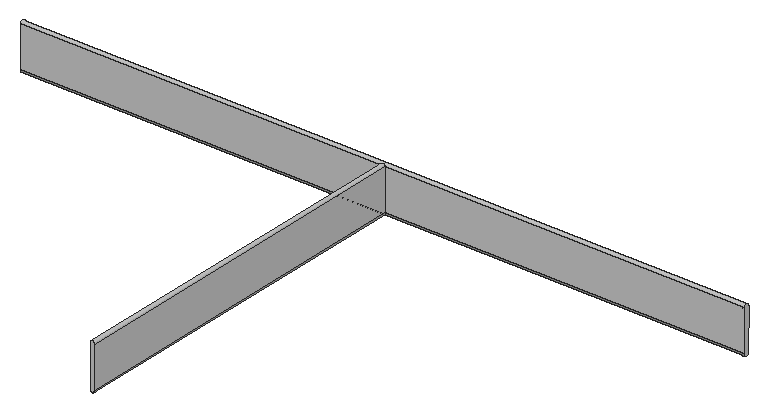
Revit family "Wall_Expansion_Joint-Emseal-Emshield-WFR3-(0.5-6-Inch)-T", category Specialty Equipment, host Face, Revit 2019
Family settings
  Host = Face
  Round Connector Dimension = Use Diameter
  Part Type = Normal
  OmniClass Number = 23.25.30.24
  OmniClass Title = Structural Walls
  Cut with Voids When Loaded = No
  Shared = No
  Room Calculation Point = No
Parameters (values of type "REFER TO TYPE CATALOG")
  Width = 0' - 0 1/2"
  Water Penetration of Curtain Wall By Uniform Static Air Pressure Difference (ASTM E331-00) = "No water penetration - 15 minute duration at 500 Delta-P(Pa), 1000 Delta-P(Pa),  and 5000 Delta-P(Pa)"  # constant formula
  URL = "http://www.emseal.com/"
  Tornado Resistance (Air Leakage) (ASTM E283) = "Tested to 200 mph with essentially no deflection"  # constant formula
  Thermal Conductivity (ASTM C518) = "0.9824 BTU*in/h*ft^2*F (0.1417 W/m*K)"  # constant formula
  Tensile Strength (ASTM D3574) = "21 psi min;  145 kPa"  # constant formula
  Temperature Range (ASTM C711) = "185°F (85°C) to -40°F (-40°C)"  # constant formula
  Standard Test Method For Structural Performance of Exterior Windows, Doors, Sylights and Curtain Walls by Uniform Static Air Pressure Difference (ASTM E330) = "1.9mm @ 4854Pa (200mph) 6-Inch width"  # constant formula
  Staining (ASTM C510) = "None"  # constant formula
  Seal Material Note = "WFR3 has a layer of Intumescent Sealant underneath the layers of silicone on both sides"  # constant formula
  Seal Material = Silicone - Sikasil WS-295
  STC Rating (Sound Transmission Class) (ASTM E90) = "STC 64 (in a STC 68 wall)"  # constant formula
  Right Length [instance] = 3' - 3 23/64"
  Rate of Air Leakage (ASTM E283) = "Passed"  # constant formula
  R Value Range (ASTM C518) = "1.03 per 1-inch (25mm) depth"  # constant formula
  Product data url = "http://www.emseal.com/Products/Architectural/EMSHIELD/EMSHIELD_WFR2_TD.pdf"
  Product Page URL = "http://www.emseal.com/Products/Architectural/EMSHIELD/EMSHIELD_WFR2.htm"
  Product Documentation Link = "http://www.emseal.com/Products/Architectural/EMSHIELD/EMSHIELD_WFR2_TD.pdf"
  Pick Resistant = "No"  # constant formula
  OITC Rating (Outdoor/Indoor Transmission Class) = "OITC 52 (in a OITC 52 wall)"  # constant formula
  Number of Sticks Required [instance] = (Right Length + Left Length + Bottom Length) / 6' 6 23/32"  # 1.5
  Movement (of Nominal Material Size) = "+/- 25%"
  Model = "WFR3"
  Manufacturer = "Emseal"  # constant formula
  Left Length [instance] = 3' - 3 23/64"
  Host Thickness = 0' 0" - Depth  # -0' - 5"
  Fire Resistance and Movement Cycling Regime (UL 2079, ASTM E1966, ASTM E119, ASTM E1399) = "Passed"  # constant formula
  Fire Rating (Hours per UL2079) = "3"
  Fire Rated Movement Rating (UL2079) = "Class II, III"  # constant formula
  Durometer Hardness of Silicone Coating (ASTM D2240) = "Shore A: 15"  # constant formula
  Description = "Fire Rated, Watertight, Sound Dampening, Primary Seal for Interior and Exterior Wall Expansion Joints"  # constant formula
  Depth = 0' - 5"
  Default Elevation = 4' - 0"
  Bottom Length [instance] = 3' - 3 23/64"
  Assembly Code = "B2010"
  Air Permeability (ASTM E283-04) = "0.00017 L/(s-m²) @ 75 Delta-P(Pa) 0.00017 L(s-m²) @ 250 Delta-P(Pa)"  # constant formula
  ABAA Compliance = "YES"  # constant formula
Reference planes (in)
  plane 1 "Center (Front/Back)": y = 0
  plane 2: z = 0
  plane 3 "Center (Left/Right)": x = 0
  plane 4: y = -39.60938
  plane 5: x = -0.25
  plane 6: x = 0.25
  plane 7: z = -4
  plane 8: y = -0.25
  plane 9: y = 0.25
  plane 10: x = -39.35937
  plane 11: x = 39.35938
  plane 12 "MR": z = 3.75
Forms (in)
  Extrusion 1, void
    sketch origin (0, 0, 0) x (1, 0, 0) y (0, 1, 0)
      loop
        line (-0.25, -39.60938) -> (0.25, -39.60938) -> (0.25, -0.25) -> (-0.25, -0.25) -> (-0.25, -39.60938)
    from -120 to 0
  Extrusion 2, void
    sketch origin (0, 0, 0) x (1, 0, 0) y (0, 1, 0)
      loop
        line (-39.35937, -0.25) -> (39.35938, -0.25) -> (39.35938, 0.25) -> (-39.35937, 0.25) -> (-39.35937, -0.25)
    from -120 to 0
Lines and regions (in)
  symbolic lines, detail levels medium+fine
    curve 1: line (39.35938, 0.25, 3.75) -> (39.35938, -0.25, 3.75)
Dimensions and locks (in)
  equal spacing: plane 5, plane 3 "Center (Left/Right)", plane 6
  "Width": plane 5 to plane 6
  level to plane 7 = 0' - 4"
  equal spacing: plane 8, plane 1 "Center (Front/Back)", plane 9
  "Width": plane 9 to plane 8
  "Bottom Length": plane 8 to plane 4
  "Right Length": plane 3 "Center (Left/Right)" to plane 11
  "Left Length": plane 10 to plane 3 "Center (Left/Right)"
  aligned and locked: host face to plane 2
  aligned and locked: host face to level
  aligned and locked: Extrusion 1 sketch curve to plane 4
  aligned and locked: Extrusion 1 sketch curve to plane 6
  aligned and locked: Extrusion 1 sketch curve to plane 5
  aligned and locked: plane 2 to Extrusion 1
  aligned and locked: Extrusion 2 sketch curve to plane 8
  aligned and locked: Extrusion 2 sketch curve to plane 9
  aligned and locked: Extrusion 2 sketch curve to plane 10
  aligned and locked: plane 11 to Extrusion 2
  aligned and locked: curve 1 to plane 9
  aligned and locked: curve 1 to plane 8
  aligned and locked: curve 1 to plane 11
  aligned and locked: nested 1 to plane 1 "Center (Front/Back)"
  aligned and locked: nested 2 to plane 3 "Center (Left/Right)"
  aligned and locked: nested 2 to plane 8
  aligned and locked: nested 2 to plane 4
  aligned and locked: nested 1 to plane 11
  aligned and locked: nested 1 to plane 10
  aligned and locked: Extrusion 1 sketch curve to plane 8
Automatic sketch dimensions
  host sketch curve to host sketch curve = 28' - 9.38114"
  host sketch curve to host sketch curve = 23' - 6.66857"
  plane 5 to Extrusion 2 sketch curve = 3' - 3 39/64"
Nested families (in)
  nested 1: "EmShield_WFR_Bellow_Facebased" at (0, 0, 0) x (0, 1, 0) z (0, 0, 1), Seal Material <- "Seal Material", Width <- "Width", Depth <- "Depth", type "WFR"
    with Width 0' - 0 1/2", Triple Bellow no, Single Bellow yes, Seal Material Silicone - Sikasil WS-295, Quad Bellow no, Pent Bellow no, Length 6' - 6 23/32", Depth 0' - 5", Calc Width Triple 0' - 1 1/2", Calc Width Single 0' - 0 1/2", Calc Width Quad 0' - 3 131/256", Calc Width Pent 0' - 4 1/2"
  nested 2: "EmShield_WFR_Bellow_Facebased" at (0, -19.92969, 0) x (-1, 0, 0) z (0, 0, 1), Seal Material <- "Seal Material", Width <- "Width", Depth <- "Depth", type "WFR"
    with Width 0' - 0 1/2", Triple Bellow no, Single Bellow yes, Seal Material Silicone - Sikasil WS-295, Quad Bellow no, Pent Bellow no, Length 3' - 3 23/64", Depth 0' - 5", Calc Width Triple 0' - 1 1/2", Calc Width Single 0' - 0 1/2", Calc Width Quad 0' - 3 131/256", Calc Width Pent 0' - 4 1/2"
Definition of nested family "EmShield_WFR_Bellow_Facebased"
  Parameters
    Width [instance] = 0' - 4 3/4"
    Triple Bellow [instance] = and(Width > 0' 1 125/256", Width < 0' 3 131/256")  # no
    Single Bellow [instance] = Width < 0' 1 67/256"  # no
    Seal Material [instance] = none
    Quad Bellow [instance] = and(Width > 0' 3 189/256", Width < 0' 4 131/256")  # no
    Pent Bellow [instance] = and(Width > 0' 4 189/256", Width < 0' 6 3/256")  # yes
    Length [instance] = 7' - 0"
    Depth [instance] = 0' - 4"
    Default Elevation = 4' - 0"
    Calc Width Triple [instance] = if(or(Width > 0' 3 131/256", Width < 0' 1 125/256"), 0' 1 1/2", Width)  # 0' - 1 1/2"
    Calc Width Single [instance] = if(Width > 0' 1 67/256", 0' 1 67/256", Width)  # 0' - 1 67/256"
    Calc Width Quad [instance] = if(or(Width > 0' 4 131/256", Width < 0' 3 189/256"), 0' 3 131/256", Width)  # 0' - 3 131/256"
    Calc Width Pent [instance] = if(or(Width > 0' 6 3/256", Width < 0' 4 125/256"), 0' 4 1/2", Width)  # 0' - 4 3/4"
  Reference planes (in)
    plane 1 "Center (Front/Back)": y = 0
    plane 2: z = 0
    plane 3 "Center (Left/Right)": x = 0
    plane 4: y = 42
    plane 5: y = -42
    plane 6: x = -0.75
    plane 7: x = 0.75
    plane 8: z = -4
    plane 9: x = -0.87793
    plane 10: x = 0.87793
    plane 11: x = -0.25
    plane 12: x = 0.25
    plane 13: x = -1.75586
    plane 14: x = 1.75586
    plane 15: x = -0.63086
    plane 16: x = 0.63086
    plane 17: x = -2.375
    plane 18: x = 2.375
    plane 19: x = -5.625
    plane 20: x = 5.875
    plane 21: x = -1.425
    plane 22: x = -0.475
    plane 23: x = 0.475
    plane 24: x = -2.375
    plane 25: x = 2.375
    plane 26: x = 1.425
  Forms (in)
    Extrusion 1, solid
      sketch origin (0, 0, 0) x (1, 0, 0) y (0, 1, 0)
        loop
          line (-48, 48) -> (-48, -48) -> (48, -48) -> (48, 48) -> (-48, 48)
      from 0 to -12
    Extrusion 2, solid, material <- "Seal Material", visible <- "Quad Bellow", detail levels medium+fine
      sketch origin (0, 0, 0) x (1, 0, 0) y (0, 0, 1)
        loop
          line (1.75586, -3.56106) -> (1.75586, -0.43896)
          arc (1.75586, -0.43896) -> (1.31689, 0) -> (0.87793, -0.43896) r 0.43896
          arc (0.87793, -0.43896) -> (0.43896, 0) -> (0, -0.43896) r 0.43896
          arc (0, -0.43896) -> (-0.43896, 0) -> (-0.87793, -0.43896) r 0.43896
          arc (-0.87793, -0.43896) -> (-1.31689, 0) -> (-1.75586, -0.43896) r 0.43896
          line (-1.75586, -0.43896) -> (-1.75586, -3.56106)
          arc (-1.75586, -3.56106) -> (-1.31689, -4.00002) -> (-0.87793, -3.56106) r 0.43896
          arc (-0.87793, -3.56106) -> (-0.43896, -4.00002) -> (0, -3.56106) r 0.43896
          arc (0, -3.56106) -> (0.43896, -4.00002) -> (0.87793, -3.56106) r 0.43896
          arc (0.87793, -3.56106) -> (1.31689, -4.00002) -> (1.75586, -3.56106) r 0.43896
      from -42 to 42
    Extrusion 3, solid, material <- "Seal Material", visible <- "Triple Bellow", detail levels medium+fine
      sketch origin (0, 0, 0) x (1, 0, 0) y (0, 0, 1)
        loop
          line (-0.75, -0.25) -> (-0.75, -3.75)
          arc (-0.75, -3.75) -> (-0.5, -4) -> (-0.25, -3.75) r 0.25
          arc (-0.25, -3.75) -> (0, -4) -> (0.25, -3.75) r 0.25
          arc (0.25, -3.75) -> (0.5, -4) -> (0.75, -3.75) r 0.25
          line (0.75, -3.75) -> (0.75, -0.25)
          arc (0.75, -0.25) -> (0.5, 0) -> (0.25, -0.25) r 0.25
          arc (0.25, -0.25) -> (0, 0) -> (-0.25, -0.25) r 0.25
          arc (-0.25, -0.25) -> (-0.5, 0) -> (-0.75, -0.25) r 0.25
      from -42 to 42
    Extrusion 4, solid, material <- "Seal Material", visible <- "Single Bellow", detail levels medium+fine
      sketch origin (0, 0, 0) x (1, 0, 0) y (0, 0, 1)
        loop
          line (-0.63086, -0.63086) -> (-0.63086, -3.36914)
          arc (-0.63086, -3.36914) -> (0, -4) -> (0.63086, -3.36914) r 0.63086
          line (0.63086, -3.36914) -> (0.63086, -0.63086)
          arc (0.63086, -0.63086) -> (0, 0) -> (-0.63086, -0.63086) r 0.63086
      from -42 to 42
    Extrusion 5, solid, material <- "Seal Material", detail levels coarse
      sketch origin (0, 0, 0) x (1, 0, 0) y (0, 0, 1)
        loop
          line (2.375, -4) -> (2.375, 0) -> (-2.375, 0) -> (-2.375, -4) -> (2.375, -4)
      from -42 to 42
    Extrusion 6, solid, material <- "Seal Material", visible <- "Pent Bellow", detail levels medium+fine
      sketch origin (0, 0, 0) x (1, 0, 0) y (0, 0, 1)
        loop
          line (-2.375, -0.475) -> (-2.375, -3.52513)
          arc (-2.375, -3.52513) -> (-1.9, -4.00013) -> (-1.425, -3.52513) r 0.475
          arc (-1.425, -3.52513) -> (-0.95, -4.00013) -> (-0.475, -3.52513) r 0.475
          arc (-0.475, -3.52513) -> (0, -4.00013) -> (0.475, -3.52513) r 0.475
          arc (0.475, -3.52513) -> (0.95, -4.00013) -> (1.425, -3.52513) r 0.475
          arc (1.425, -3.52513) -> (1.9, -4.00013) -> (2.375, -3.52513) r 0.475
          line (2.375, -3.52513) -> (2.375, -0.475)
          arc (2.375, -0.475) -> (1.9, 0) -> (1.425, -0.475) r 0.475
          arc (1.425, -0.475) -> (0.95, 0) -> (0.475, -0.475) r 0.475
          arc (0.475, -0.475) -> (0, 0) -> (-0.475, -0.475) r 0.475
          arc (-0.475, -0.475) -> (-0.95, 0) -> (-1.425, -0.475) r 0.475
          arc (-1.425, -0.475) -> (-1.9, 0) -> (-2.375, -0.475) r 0.475
      from -42 to 42
  Lines and regions (in)
    Masking region 1
      outline origin (0, 0, 2.62265) x (-1, 0, 0) y (0, -1, 0)
        loop
          line (2.375, -42) -> (2.375, 42) -> (-2.375, 42) -> (-2.375, -42) -> (2.375, -42)
    Masking region 2, detail levels coarse
      outline origin (0, 0, 0) x (1, 0, 0) y (0, 0, 1)
        loop
          line (2.375, 0) -> (-2.375, 0) -> (-2.375, -4) -> (2.375, -4) -> (2.375, 0)
    Masking region 3, visible <- "Pent Bellow", detail levels medium+fine
      outline origin (0, 0, 0) x (1, 0, 0) y (0, 0, 1)
        loop
          arc (-1.425, -0.475) -> (-1.9, 0) -> (-2.375, -0.475) r 0.475
          line (-2.375, -0.475) -> (-2.375, -3.52513)
          arc (-2.375, -3.52513) -> (-1.9, -4.00013) -> (-1.425, -3.52513) r 0.475
          arc (-1.425, -3.52513) -> (-0.95, -4.00013) -> (-0.475, -3.52513) r 0.475
          arc (-0.475, -3.52513) -> (0, -4.00013) -> (0.475, -3.52513) r 0.475
          arc (0.475, -3.52513) -> (0.95, -4.00013) -> (1.425, -3.52513) r 0.475
          arc (1.425, -3.52513) -> (1.9, -4.00013) -> (2.375, -3.52513) r 0.475
          line (2.375, -3.52513) -> (2.375, -0.475)
          arc (2.375, -0.475) -> (1.9, 0) -> (1.425, -0.475) r 0.475
          arc (1.425, -0.475) -> (0.95, 0) -> (0.475, -0.475) r 0.475
          arc (0.475, -0.475) -> (0, 0) -> (-0.475, -0.475) r 0.475
          arc (-0.475, -0.475) -> (-0.95, 0) -> (-1.425, -0.475) r 0.475
    Masking region 4, visible <- "Quad Bellow", detail levels medium+fine
      outline origin (0, 0, 0) x (1, 0, 0) y (0, 0, 1)
        loop
          line (-1.75586, -0.43896) -> (-1.75586, -3.56106)
          arc (-1.75586, -3.56106) -> (-1.31689, -4.00002) -> (-0.87793, -3.56106) r 0.43896
          arc (-0.87793, -3.56106) -> (-0.43896, -4.00002) -> (0, -3.56106) r 0.43896
          arc (0, -3.56106) -> (0.43896, -4.00002) -> (0.87793, -3.56106) r 0.43896
          arc (0.87793, -3.56106) -> (1.31689, -4.00002) -> (1.75586, -3.56106) r 0.43896
          line (1.75586, -3.56106) -> (1.75586, -0.43896)
          arc (1.75586, -0.43896) -> (1.31689, 0) -> (0.87793, -0.43896) r 0.43896
          arc (0.87793, -0.43896) -> (0.43896, 0) -> (0, -0.43896) r 0.43896
          arc (0, -0.43896) -> (-0.43896, 0) -> (-0.87793, -0.43896) r 0.43896
          arc (-0.87793, -0.43896) -> (-1.31689, 0) -> (-1.75586, -0.43896) r 0.43896
    Masking region 5, visible <- "Single Bellow", detail levels medium+fine
      outline origin (0, 0, 0) x (1, 0, 0) y (0, 0, 1)
        loop
          arc (0.63086, -0.63086) -> (0, 0) -> (-0.63086, -0.63086) r 0.63086
          line (-0.63086, -0.63086) -> (-0.63086, -3.36914)
          arc (-0.63086, -3.36914) -> (0, -4) -> (0.63086, -3.36914) r 0.63086
          line (0.63086, -3.36914) -> (0.63086, -0.63086)
    Masking region 6, visible <- "Triple Bellow", detail levels medium+fine
      outline origin (0, 0, 0) x (1, 0, 0) y (0, 0, 1)
        loop
          arc (-0.25, -3.75) -> (0, -4) -> (0.25, -3.75) r 0.25
          arc (0.25, -3.75) -> (0.5, -4) -> (0.75, -3.75) r 0.25
          line (0.75, -3.75) -> (0.75, -0.25)
          arc (0.75, -0.25) -> (0.5, 0) -> (0.25, -0.25) r 0.25
          arc (0.25, -0.25) -> (0, 0) -> (-0.25, -0.25) r 0.25
          arc (-0.25, -0.25) -> (-0.5, 0) -> (-0.75, -0.25) r 0.25
          line (-0.75, -0.25) -> (-0.75, -3.75)
          arc (-0.75, -3.75) -> (-0.5, -4) -> (-0.25, -3.75) r 0.25
    Masking region 7
      outline origin (0, 0, 0) x (0, 1, 0) y (0, 0, 1)
        loop
          line (42, -4) -> (42, 0) -> (-42, 0) -> (-42, -4) -> (42, -4)
    symbolic lines, visible <- "Quad Bellow", detail levels medium+fine
      curve 1: line (-0.87793, 42, 2.62265) -> (-0.87793, -42, 2.62265)
      curve 2: line (0.87793, 42, 2.62265) -> (0.87793, -42, 2.62265)
      curve 3: line (0, 42, 2.62265) -> (0, -42, 2.62265)
    symbolic lines, visible <- "Triple Bellow", detail levels medium+fine
      curve 4: line (-0.25, 42, 0) -> (-0.25, -42, 0)
      curve 5: line (0.25, 42, 0) -> (0.25, -42, 0)
    symbolic lines, visible <- "Pent Bellow", detail levels medium+fine
      curve 6: line (-1.425, 42, 0) -> (-1.425, -42, 0)
      curve 7: line (-0.475, 42, 0) -> (-0.475, -42, 0)
      curve 8: line (0.475, 42, 0) -> (0.475, -42, 0)
      curve 9: line (1.425, 42, 0) -> (1.425, -42, 0)
  Dimensions and locks (in)
    "Length": plane 4 to plane 5
    equal spacing: plane 6, plane 3 "Center (Left/Right)", plane 7
    "Depth": level to plane 8
    plane 8 to Extrusion 2 sketch curve to Extrusion 2 sketch curve to Extrusion 2 sketch curve to Extrusion 2 sketch curve = 0' - 0.00002" locked, 0' - 0" locked, 0' - 0" locked, 0' - 0" locked
    Extrusion 2 sketch curve to Extrusion 2 sketch curve to Extrusion 2 sketch curve to Extrusion 2 sketch curve to plane 2 = 0' - 0" locked, 0' - 0" locked, 0' - 0" locked, 0' - 0" locked
    equal spacing: plane 4, plane 1 "Center (Front/Back)", plane 5
    plane 8 to Extrusion 3 sketch curve to Extrusion 3 sketch curve to Extrusion 3 sketch curve = 0' - 0" locked, 0' - 0" locked, 0' - 0" locked
    plane 2 to Extrusion 3 sketch curve to Extrusion 3 sketch curve to Extrusion 3 sketch curve = 0' - 0" locked, 0' - 0" locked, 0' - 0" locked
    equal spacing: plane 7, plane 12, plane 11, plane 6
    "Calc Width Triple": plane 7 to plane 6
    equal spacing: plane 14, plane 10, plane 3 "Center (Left/Right)", plane 9, plane 13
    "Calc Width Quad": plane 14 to plane 13
    equal spacing: plane 16, plane 3 "Center (Left/Right)", plane 15
    "Calc Width Single": plane 16 to plane 15
    locked: plane 8 to Extrusion 4 sketch curve at 0
    locked: plane 2 to Extrusion 4 sketch curve at 0
    equal spacing: plane 18, plane 3 "Center (Left/Right)", plane 17
    "Width": plane 18 to plane 17
    locked: plane 19 to plane 17 at 3.25
    locked: plane 18 to plane 20 at 3.5
    equal spacing: plane 25, plane 3 "Center (Left/Right)", plane 24
    "Calc Width Pent": plane 25 to plane 24
    equal spacing: plane 25, plane 26, plane 23, plane 22, plane 21, plane 24
    plane 8 to Extrusion 6 sketch curve to Extrusion 6 sketch curve to Extrusion 6 sketch curve to Extrusion 6 sketch curve to Extrusion 6 sketch curve = 0' - 0.00013" locked, 0' - 0" locked, 0' - 0" locked, 0' - 0" locked, 0' - 0" locked
    plane 2 to Extrusion 6 sketch curve to Extrusion 6 sketch curve to Extrusion 6 sketch curve to Extrusion 6 sketch curve to Extrusion 6 sketch curve = 0' - 0" locked, 0' - 0" locked, 0' - 0" locked, 0' - 0" locked, 0' - 0" locked
    aligned and locked: plane 2 to Extrusion 1
    aligned and locked: level to Extrusion 1
    aligned and locked: Masking region 1 sketch curve to plane 4
    aligned and locked: Masking region 1 sketch curve to plane 5
    aligned and locked: plane 5 to curve 1
    aligned and locked: plane 5 to curve 2
    aligned and locked: plane 4 to curve 2
    aligned and locked: plane 4 to curve 1
    aligned and locked: curve 3 to plane 3 "Center (Left/Right)"
    aligned and locked: plane 10 to Extrusion 2 sketch curve  (x2)
    aligned and locked: plane 3 "Center (Left/Right)" to Extrusion 2 sketch curve  (x2)
    aligned and locked: plane 9 to Extrusion 2 sketch curve  (x2)
    aligned and locked: Extrusion 2 to plane 5
    aligned and locked: plane 4 to Extrusion 2
    aligned and locked: plane 6 to Extrusion 3 sketch curve
    aligned and locked: plane 7 to Extrusion 3 sketch curve
    aligned and locked: plane 12 to Extrusion 3 sketch curve  (x2)
    aligned and locked: plane 11 to Extrusion 3 sketch curve  (x2)
    aligned and locked: plane 13 to Extrusion 2 sketch curve
    aligned and locked: Extrusion 2 sketch curve to plane 14
    aligned and locked: plane 15 to Extrusion 4 sketch curve
    aligned and locked: plane 16 to Extrusion 4 sketch curve
    aligned and locked: Extrusion 5 sketch curve to plane 8
    aligned and locked: Extrusion 5 sketch curve to plane 2
    aligned and locked: Extrusion 5 sketch curve to plane 17
    aligned and locked: Extrusion 5 sketch curve to plane 18
    aligned and locked: Extrusion 5 to plane 5
    aligned and locked: Extrusion 4 to plane 5
    aligned and locked: Extrusion 3 to plane 5
    aligned and locked: plane 4 to Extrusion 5
    aligned and locked: plane 4 to Extrusion 4
    aligned and locked: plane 4 to Extrusion 3
    aligned and locked: curve 4 to plane 11
    aligned and locked: curve 5 to plane 12
    aligned and locked: Masking region 1 sketch curve to plane 17
    aligned and locked: plane 18 to Masking region 1 sketch curve
    aligned and locked: plane 24 to Extrusion 6 sketch curve
    aligned and locked: plane 25 to Extrusion 6 sketch curve
    aligned and locked: plane 21 to Extrusion 6 sketch curve  (x2)
    aligned and locked: plane 22 to Extrusion 6 sketch curve  (x2)
    aligned and locked: plane 23 to Extrusion 6 sketch curve  (x2)
    aligned and locked: plane 26 to Extrusion 6 sketch curve  (x2)
    aligned and locked: Extrusion 6 to plane 5
    aligned and locked: plane 4 to Extrusion 6
    aligned and locked: curve 6 to plane 21
    aligned and locked: curve 7 to plane 22
    aligned and locked: curve 8 to plane 23
    aligned and locked: curve 9 to plane 26
    aligned and locked: Masking region 2 sketch curve to Extrusion 5  (x4)
    aligned and locked: Masking region 3 sketch curve to Extrusion 6  (x10)
    aligned and locked: Masking region 4 sketch curve to Extrusion 2  (x8)
    aligned and locked: Masking region 5 sketch curve to Extrusion 4  (x2)
    aligned and locked: Masking region 6 sketch curve to Extrusion 3  (x6)
    aligned and locked: plane 4 to Masking region 7 sketch curve
    aligned and locked: plane 5 to Masking region 7 sketch curve
    aligned and locked: plane 8 to Masking region 7 sketch curve
    aligned and locked: level to Masking region 7 sketch curve
  Automatic sketch dimensions
    Extrusion 1 sketch curve to Extrusion 1 sketch curve = 8' - 0"  (x2)
    curve 3 to plane 4 = 0' - 0"
    curve 3 to plane 5 = 0' - 0"
    curve 2 to plane 10 = 0' - 0"
    curve 1 to plane 9 = 0' - 0"
    Extrusion 3 sketch curve to Extrusion 3 sketch curve = 0' - 0"
    curve 4 to plane 5 = 0' - 0"
    curve 5 to plane 5 = 0' - 0"
    curve 5 to plane 4 = 0' - 0"
    curve 4 to plane 4 = 0' - 0"
    curve 6 to plane 5 = 0' - 0"
    plane 4 to curve 6 = 0' - 0"
    curve 7 to curve 6 = 0' - 0"
    curve 6 to curve 7 = 0' - 0"
    curve 8 to curve 7 = 0' - 0"
    curve 7 to curve 8 = 0' - 0"
    curve 9 to curve 8 = 0' - 0"
    curve 8 to curve 9 = 0' - 0"
